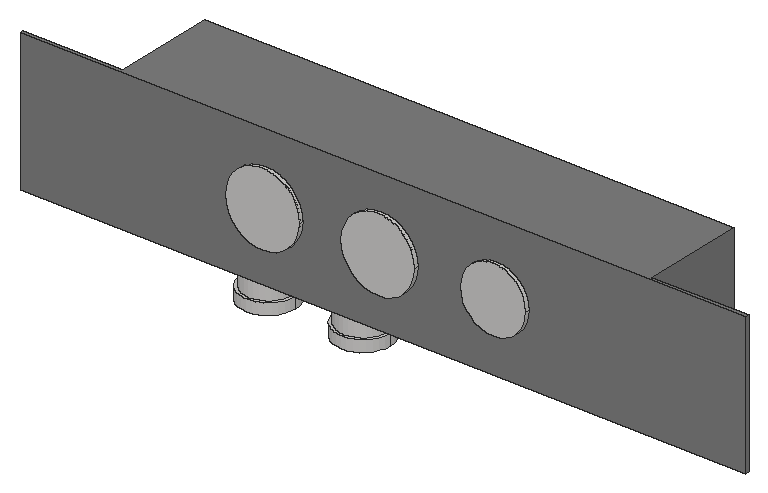
Revit family "5400VA3", category Generic Models, Revit 2021
Family settings
  Can host rebar = No
  Round Connector Dimension = Use Diameter
  Part Type = Normal
  Work Plane-Based = No
  Always vertical = Yes
  Cut with Voids When Loaded = No
  Shared = No
  Room Calculation Point = No
Parameters (values of type "Standard")
  e-mail = "info@vola.com"
  URL = "http://vola.com"
  Telephone = "+45 7023 5500"
  Quality management standard = "ISO 9001"
  Organisation no. / DUNS no. = "17531328"
  Occupational health and safety management standard = "ISO 18001"
  Mounting Instructions = "http://vola.com/service/producturl.ashx?name=5400V"
  Model = "5400VA3"
  Materials and components information = "http://vola.com/service/producturl.ashx?name=5400V"
  Manufacturer = "VOLA A/S"
  Maintenance Instructions = "http://vola.com/service/producturl.ashx?name=5400V"
  Guarantee = "2 years"
  Flow = "43,00 l/min"
  Environmental management standard = "ISO 14000"
  Default Elevation = 0.00 mm
  Connection - All relevant connections = ""
  Approvals = "http://vola.com/service/producturl.ashx?name=5400V"
Reference planes
  plane 1 "Center (Front/Back)": y = 0
  plane 2: z = 0
  plane 3 "Center (Left/Right)": x = 0
  plane 4 "Inlet Center Plane": y = -29
  plane 5: z = 85
Forms (mm)
  Extrusion 1, solid, material "Default"
    sketch origin (10, 0, 16) x (1, 0, 0) y (0, 1, 0)
      loop
        line (-147.5, 0) -> (-147.5, -69) -> (210.5, -69) -> (210.5, 0) -> (-147.5, 0)
    from 21.5 to 116.5
  Extrusion 2, solid, material "Default"
    sketch origin (10, -1, 16) x (1, 0, 0) y (0, 1, 0)
      loop
        line (-215, -68) -> (-215, -70.5) -> (275.5, -70.5) -> (275.5, -68) -> (-215, -68)
    from 21.5 to 116.5
  Extrusion 3, solid, material "Stainless Steel"
    sketch origin (-59, -4, 37.5) x (0, 1, 0) y (1, 0, 0)
      loop
        circle (-25, -12) r 16.5
    from 0 to 29.77
  Extrusion 4, solid, material "Stainless Steel"
    sketch origin (5, -4, 37.5) x (0, 1, 0) y (1, 0, 0)
      loop
        circle (-25, -12) r 16.5
    from 0 to 29.77
  Extrusion 5, solid, material "Stainless Steel"
    sketch origin (-51.5, -71.5, 16) x (-1, 0, 0) y (0, 0, -1)
      loop
        circle (-12.5, -69) r 24.89
    from 0 to 2.5
  Extrusion 6, solid, material "Stainless Steel"
    sketch origin (26.5, -71.5, 16) x (-1, 0, 0) y (0, 0, -1)
      loop
        circle (-12.5, -69) r 24.89
    from 0 to 2.5
  Extrusion 7, solid, material "Stainless Steel"
    sketch origin (65.5, -71.5, 16) x (-1, 0, 0) y (0, 0, -1)
      loop
        circle (-51.5, -69) r 22
    from 0 to 2.5
  Extrusion 8, solid, material "Stainless Steel"
    sketch origin (-59, -4, 7.73) x (-1, 0, 0) y (0, 1, 0)
      loop
        circle (12, -25) r 18.5
    from 0 to 7.73
  Extrusion 9, solid, material "Stainless Steel"
    sketch origin (5, -4, 7.73) x (-1, 0, 0) y (0, 1, 0)
      loop
        circle (12, -25) r 18.5
    from 0 to 7.73
Cuts and joins
  joined: Extrusion 1, Extrusion 2
Lines and regions (mm)
  reference lines
    curve 1: line (117, -29, 85) -> (117, -121.5, 85)
    curve 2: line (39, -29, 85) -> (39, -121.5, 85)
    curve 3: line (-39, -29, 85) -> (-39, -121.5, 85)
    curve 4: line (-7, -29, 85) -> (-7, -29, -50)
    curve 5: line (-71, -29, 85) -> (-71, -29, -50)
    curve 6: line (117, -35.26, 182.5) -> (117, -35.26, -12.5)
Dimensions and locks
  aligned and locked: plane 2 to level
  aligned and locked: Extrusion 1 to Extrusion 2
  aligned and locked: Extrusion 2 to Extrusion 1
